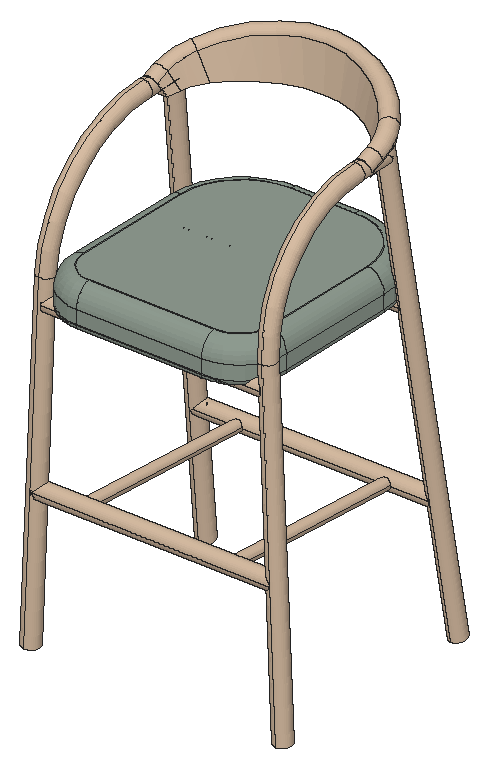
Revit family "FU_Chair_Sandler_Modena 3-1", category Furniture, Revit 2022
Family settings
  OmniClass Number = 23.40.20.00
  OmniClass Title = General Furniture and Specialties
  Work Plane-Based = No
  Always vertical = Yes
  Cut with Voids When Loaded = No
  Render Appearance Source = Family Geometry
  Shared = No
  Room Calculation Point = No
Parameters (values of type "Modena 3.1")
  Width = 550 mm
  URL = "https://www.sandlerseating.com/product/modena-3-1/"
  Seat [instance] = Fabric - Mainline Flax - Bayswater MLF24
  Model = "Modena 3.1"
  Manufacturer = "Sandler"
  Height = 900 mm
  Frame [instance] = Ash - Oak Stain
  Description = "Wooden framed barstool with an upholstered seat"
  Depth = 450 mm
  Default Elevation = 0 mm
Reference planes
  plane 1 "Center (Front/Back)": y = 0
  plane 2: z = 0
  plane 3 "Center (Left/Right)": x = 0
  plane 4 "Right": x = -275
  plane 5 "Left": x = 275
  plane 6 "Back": y = 225
  plane 7 "Front": y = -225
  plane 8 "Height": z = 900
  plane 9 "Seat Height": z = 630
  plane 10 "Arm height": z = 815
  plane 11 "seat frame RIGHT": z = 560
Forms (mm)
  Sweep 1, solid, material "Ash - Oak Stain" <- "Frame"
    path origin (-219.911, 25, 174.602) x (-0.043619, 0, -0.999048) y (0, -1, 0)
      loop
        line (173.989, 209.811) -> (-436.011, 209.811)
        arc (-436.011, 209.811) -> (-584.504, 148.303) -> (-646.011, -0.189) r 210
        line (-646.011, -0.189) -> (-646.011, -65.189)
    profile origin (-214.196, -184.811, 305.488) x (0, 1, 0) y (-0.999048, 0, 0.043619)
      loop
        circle (0, 0) r 15
  Sweep 2, solid, material "Ash - Oak Stain" <- "Frame"
    path origin (0.375, -236.294, 719.098) x (0, -0.936636, -0.350305) y (1, 0, 0)
      loop
        line (-295.804, -191.878) -> (-320.527, -191.878)
        arc (-320.527, -191.878) -> (-350.832, -187.621) -> (-378.792, -175.18) r 110
        arc (-378.792, -175.18) -> (-475.928, 0) -> (-378.792, 175.18) r 206.531
        arc (-378.792, 175.18) -> (-350.832, 187.621) -> (-320.527, 191.878) r 110
        line (-320.527, 191.878) -> (-295.804, 191.878)
    profile origin (0.375, 209.477, 885.818) x (0, 0.936636, 0.350305) y (0, -0.350305, 0.936636)
      loop
        arc (14.05, -7.091) -> (5.981, 11.919) -> (-13.424, 4.855) r 15
        line (-13.424, 4.855) -> (-46.442, -71.076) -> (-18.65, -81.47) -> (14.05, -7.091)
  Extrusion 3, void
    sketch origin (0, -29.103, 165) x (0, 1, 0) y (0, 0, 1)
      loop
        line (0, 640.472) -> (0, 550.472) -> (295, 550.472) -> (295, 640.472) -> (0, 640.472)
    from -235 to 235
  Extrusion 4, solid, material "Ash - Oak Stain" <- "Frame"
    sketch origin (0, 50, 165) x (0, 1, 0) y (0, 0, 1)
      loop
        circle (-235, 400) r 15
    from -198 to 198
  Extrusion 5, solid, material "Ash - Oak Stain" <- "Frame"
    sketch origin (0, -28.75, 165) x (0, 1, 0) y (0, 0, 1)
      loop
        circle (156.218, 400) r 15
    from -198 to 198
  Extrusion 6, solid, material "Ash - Oak Stain" <- "Frame"
    sketch origin (0, 25, 165) x (1, 0, 0) y (0, 0, 1)
      loop
        circle (-165, 400) r 15
      loop
        circle (165, 400) r 15
    from -102.229 to 210
  Extrusion 7, solid, material "Fabric - Mainline Flax - Bayswater MLF24" <- "Seat"
    sketch origin (0, 25, 565) x (0, -1, 0) y (1, 0, 0)
      loop
        line (220, -113) -> (220, 113)
        arc (220, 113) -> (203.891, 151.891) -> (165, 168) r 55
        line (165, 168) -> (-54.973, 168)
        arc (-54.973, 168) -> (-132.755, 135.782) -> (-164.973, 58) r 110
        line (-164.973, 58) -> (-164.973, -58)
        arc (-164.973, -58) -> (-132.755, -135.782) -> (-54.973, -168) r 110
        line (-54.973, -168) -> (165, -168)
        arc (165, -168) -> (203.891, -151.891) -> (220, -113) r 55
    from 0 to 70
  Sweep 8, solid, material "Fabric - Mainline Flax - Bayswater MLF24" <- "Seat"
    path in 3D
      loop
        arc (113, -195, 635) -> (151.891, -178.891, 635) -> (168, -140, 635) r 55
        line (168, -140, 635) -> (168, 79.973, 635)
        arc (168, 79.973, 635) -> (135.782, 157.755, 635) -> (58, 189.973, 635) r 110
        line (58, 189.973, 635) -> (-58, 189.973, 635)
        arc (-58, 189.973, 635) -> (-135.782, 157.755, 635) -> (-168, 79.973, 635) r 110
        line (-168, 79.973, 635) -> (-168, -140, 635)
        arc (-168, -140, 635) -> (-151.891, -178.891, 635) -> (-113, -195, 635) r 55
        line (-113, -195, 635) -> (113, -195, 635)
    profile origin (0, -195, 635) x (0, 1, 0) y (0, 0, 1)
      loop
        spline (0, 0) -> (-3.916, -0.299) -> (-7.765, -1.193) -> (-11.481, -2.664) -> (-15, -4.689) -> (-18.263, -7.233) -> (-21.213, -10.251) -> (-23.801, -13.693) -> (-25.981, -17.5) -> (-27.716, -21.606) -> (-28.978, -25.941) -> (-29.743, -30.432) -> (-30, -35)
        line (-30, -35) -> (-30, -60)
        arc (-30, -60) -> (-27.071, -67.071) -> (-20, -70) r 10
        line (-20, -70) -> (0, -70) -> (0, 0)
  Sweep 9, solid, material "Ash - Oak Stain" <- "Frame"
    path origin (219.911, 25, 174.602) x (0.043619, 0, -0.999048) y (0, 1, 0)
      loop
        line (173.989, -209.811) -> (-436.011, -209.811)
        arc (-436.011, -209.811) -> (-584.504, -148.303) -> (-646.011, 0.189) r 210
        line (-646.011, 0.189) -> (-646.011, 65.189)
    profile origin (214.196, -184.811, 305.488) x (0, -1, 0) y (0.999048, 0, 0.043619)
      loop
        circle (0, 0) r 15
  Sweep 10, solid, material "Ash - Oak Stain" <- "Frame"
    path origin (-219.911, 0, 174.602) x (-0.043619, 0, -0.999048) y (0, -1, 0)
      loop
        line (175.141, -210) -> (-657.529, -88.313)
    profile origin (-209.39, 149.157, 415.566) x (0.006308, 0.98949, 0.144467) y (-0.999048, 0, 0.043619)
      loop
        circle (0, 0) r 15
  Extrusion 11, solid, material "Ash - Oak Stain" <- "Frame"
    sketch origin (0, 25, 0) x (0, 1, 0) y (0, 0, 1)
      loop
        circle (-210, 256.986) r 15
    from -215 to 215
  Extrusion 12, solid, material "Ash - Oak Stain" <- "Frame"
    sketch origin (0, 0, 0) x (0, 1, 0) y (0, 0, 1)
      loop
        circle (175.63, 234.738) r 15
    from -215 to 215
  Blend 13, solid, material "Ash - Oak Stain" <- "Frame"
    base sketch origin (0, 0, 0) x (1, 0, 0) y (0, 0, 1)
      loop
        circle (-133.759, 257.039) r 10
    top sketch origin (0, 0, 0) x (1, 0, 0) y (0, 0, 1)
      loop
        circle (-133.759, 234.444) r 10
    from 185.17 to -175.795
  Blend 14, solid, material "Ash - Oak Stain" <- "Frame"
    base sketch origin (0, 0, 0) x (-1, 0, 0) y (0, 0, -1)
      loop
        circle (-133.759, -257.039) r 10
    top sketch origin (0, 0, 0) x (-1, 0, 0) y (0, 0, -1)
      loop
        circle (-133.759, -234.444) r 10
    from 184.772 to -175.795
  Sweep 15, solid, material "Ash - Oak Stain" <- "Frame"
    path origin (219.911, 0, 174.602) x (0.043619, 0, -0.999048) y (0, 1, 0)
      loop
        line (175.141, 210) -> (-657.529, 88.313)
    profile origin (209.39, 149.157, 415.566) x (0.006308, -0.98949, -0.144467) y (0.999048, 0, 0.043619)
      loop
        circle (0, 0) r 15
Cuts and joins
  Extrusion 3 cuts Sweep 2
Lines and regions (mm)
  sketch lines
    curve 1: line (-113, -195, 635) -> (113, -195, 635)
    curve 2: arc (-113, -195, 635) -> (-151.891, -178.891, 635) -> (-168, -140, 635) r 55
    curve 3: line (-168, 79.973, 635) -> (-168, -140, 635)
    curve 4: arc (-168, 79.973, 635) -> (-135.782, 157.755, 635) -> (-58, 189.973, 635) r 110
    curve 5: line (58, 189.973, 635) -> (-58, 189.973, 635)
    curve 6: arc (58, 189.973, 635) -> (135.782, 157.755, 635) -> (168, 79.973, 635) r 110
    curve 7: line (168, -140, 635) -> (168, 79.973, 635)
    curve 8: arc (168, -140, 635) -> (151.891, -178.891, 635) -> (113, -195, 635) r 55
Dimensions and locks
  equal spacing: plane 6 "Back", plane 1 "Center (Front/Back)", plane 7 "Front"
  "Depth": plane 6 "Back" to plane 7 "Front"
  equal spacing: plane 4 "Right", plane 3 "Center (Left/Right)", plane 5 "Left"
  "Width": plane 4 "Right" to plane 5 "Left"
  "Height": plane 8 "Height" to level
  level to plane 10 "Arm height" to plane 8 "Height" = 815 mm, 85 mm
  plane 8 "Height" to plane 10 "Arm height" to plane 9 "Seat Height" to plane 11 "seat frame RIGHT" = 85 mm locked, 185 mm locked, 70 mm locked
  aligned and locked: level to plane 2
Automatic sketch dimensions
  Sweep 1 sketch curve to plane 1 "Center (Front/Back)" = 25.189 mm
  Sweep 1 sketch curve to Sweep 1 sketch curve = 210 mm
  Sweep 1 sketch curve to Sweep 1 sketch curve = 610 mm
  Sweep 1 sketch curve to Sweep 1 sketch curve = 65 mm
  profile plane to Sweep 1 sketch curve = 0 mm
  Sweep 1 sketch curve to profile plane = 0 mm
  plane 4 "Right" to Sweep 2 sketch curve = 83.498 mm
  Sweep 2 sketch curve to plane 5 "Left" = 82.747 mm
  Sweep 2 sketch curve to Sweep 2 sketch curve = 0 mm  (x2)
  plane 3 "Center (Left/Right)" to Sweep 2 sketch curve = 0.375 mm
  Sweep 2 sketch curve to Sweep 2 sketch curve = 51.131 mm
  Sweep 2 sketch curve to plane 3 "Center (Left/Right)" = 81.502 mm
  plane 3 "Center (Left/Right)" to Sweep 2 sketch curve = 82.253 mm
  Sweep 2 sketch curve to Sweep 2 sketch curve = 24.723 mm  (x2)
  profile plane to Sweep 2 sketch curve = 0 mm
  profile plane to Sweep 2 sketch curve = 4.855 mm
  profile plane to Sweep 2 sketch curve = 13.424 mm
  profile plane to Sweep 2 sketch curve = 18.65 mm
  Sweep 2 sketch curve to Sweep 2 sketch curve = 27.792 mm
  Sweep 2 sketch curve to profile plane = 7.091 mm
  Sweep 2 sketch curve to profile plane = 14.05 mm
  Sweep 2 sketch curve to profile plane = 71.076 mm
  Sweep 2 sketch curve to Sweep 2 sketch curve = 10.394 mm
  plane 1 "Center (Front/Back)" to Extrusion 3 sketch curve = 29.103 mm
  plane 6 "Back" to Extrusion 3 sketch curve = 40.897 mm
  plane 9 "Seat Height" to Extrusion 3 sketch curve = 85.472 mm
  Extrusion 3 sketch curve to plane 10 "Arm height" = 9.528 mm
  plane 11 "seat frame RIGHT" to Extrusion 4 sketch curve = 5 mm
  plane 7 "Front" to Extrusion 4 sketch curve = 40 mm
  plane 11 "seat frame RIGHT" to Extrusion 5 sketch curve = 5 mm
  Extrusion 5 sketch curve to plane 6 "Back" = 97.532 mm
  plane 11 "seat frame RIGHT" to Extrusion 6 sketch curve = 5 mm  (x2)
  plane 4 "Right" to Extrusion 6 sketch curve = 110 mm
  Extrusion 6 sketch curve to plane 5 "Left" = 110 mm
  Extrusion 7 sketch curve to plane 6 "Back" = 35.027 mm
  plane 3 "Center (Left/Right)" to Extrusion 7 sketch curve = 58 mm
  Extrusion 7 sketch curve to plane 1 "Center (Front/Back)" = 79.973 mm  (x2)
  plane 7 "Front" to Extrusion 7 sketch curve = 85 mm  (x2)
  plane 7 "Front" to Extrusion 7 sketch curve = 30 mm
  Extrusion 7 sketch curve to plane 3 "Center (Left/Right)" = 58 mm
  Sweep 8 sketch curve to profile plane = 0 mm  (x2)
  Sweep 8 sketch curve to Sweep 8 sketch curve = 20 mm
  Sweep 8 sketch curve to Sweep 8 sketch curve = 10 mm
  Sweep 8 sketch curve to profile plane = 35 mm
  Sweep 8 sketch curve to Sweep 8 sketch curve = 25 mm
  Sweep 9 sketch curve to plane 1 "Center (Front/Back)" = 25.189 mm
  Sweep 9 sketch curve to Sweep 9 sketch curve = 210 mm
  Sweep 9 sketch curve to Sweep 9 sketch curve = 610 mm
  Sweep 9 sketch curve to Sweep 9 sketch curve = 65 mm
  Sweep 9 sketch curve to profile plane = 0 mm  (x2)
  Sweep 10 sketch curve to plane 1 "Center (Front/Back)" = 88.313 mm
  Sweep 10 sketch curve to plane 6 "Back" = 15 mm
  Sweep 10 sketch curve to Sweep 10 sketch curve = 832.669 mm
  profile plane to Sweep 10 sketch curve = 0 mm
  Sweep 10 sketch curve to profile plane = 0 mm
  plane 7 "Front" to Extrusion 11 sketch curve = 40 mm
  level to Extrusion 11 sketch curve = 256.986 mm
  Extrusion 12 sketch curve to plane 6 "Back" = 49.37 mm
  level to Extrusion 12 sketch curve = 234.738 mm
  Blend 13 sketch curve to plane 3 "Center (Left/Right)" = 133.759 mm  (x2)
  level to Blend 13 sketch curve = 257.039 mm
  level to Blend 13 sketch curve = 234.444 mm
  plane 3 "Center (Left/Right)" to Blend 14 sketch curve = 133.759 mm  (x2)
  level to Blend 14 sketch curve = 257.039 mm
  level to Blend 14 sketch curve = 234.444 mm
  Sweep 15 sketch curve to plane 1 "Center (Front/Back)" = 88.313 mm
  Sweep 15 sketch curve to plane 6 "Back" = 15 mm
  Sweep 15 sketch curve to Sweep 15 sketch curve = 832.669 mm
  Sweep 15 sketch curve to profile plane = 0 mm  (x2)
  radius of Sweep 1 sketch curve = 15 mm
  radius of Extrusion 4 sketch curve = 15 mm
  radius of Extrusion 5 sketch curve = 15 mm
  radius of Extrusion 6 sketch curve = 15 mm  (x2)
  radius of Sweep 9 sketch curve = 15 mm
  radius of Sweep 10 sketch curve = 15 mm
  radius of Extrusion 11 sketch curve = 15 mm
  radius of Extrusion 12 sketch curve = 15 mm
  radius of Blend 13 sketch curve = 10 mm  (x2)
  radius of Blend 14 sketch curve = 10 mm  (x2)
  radius of Sweep 15 sketch curve = 15 mm
